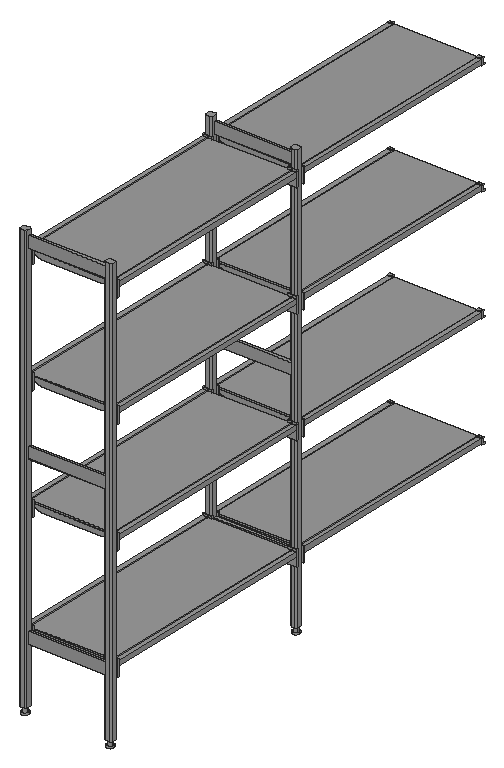
Revit family "QF_ZANUSSI_137062_ACS1840", category Attrezzature speciali, Revit 2020
Family settings
  Quota connettore circolare = Usa diametro
  Tipo di parte = Normale
  Basato su piano di lavoro = No
  Sempre verticale = Sì
  Taglio con vuoti quando caricato = No
  Condiviso = No
  Punto di calcolo locali = No
Parameters (values of type "Standard")
  Weight = 30.00 kg
  Watts = 0 W
  Volts = 0 V
  URL Manufacturer = "http://www.zanussiprofessional.com"
  URL = "http://www.zanussiprofessional.com"
  Steam Supply Size = 0 mm
  Steam Supply Minimum Pressure = 0.0 Pa
  Steam Supply Maximum Pressure = 0.0 Pa
  Steam Consumption per Hour = 0
  Refrigeration Suction Line Size = 0.0 mm
  Refrigeration Liquid Line Size = 0.0 mm
  Refrigerant Compressor Remote = yes
  Prospetto di default = 0.0 mm
  Phase = 0
  Modello = "ACS1840"
  Produttore = "Zanussi"
  Length Actual = 1844.0 mm  # constant formula
  Item Number = "137062"
  Hot Water Size = 0 mm
  Height Actual = 1700.0 mm  # constant formula
  HP = "0 HP"
  Gas Size = 0 mm
  Gas KW = 0
  Gas Input Pressure = 0 W
  Direct Waste Size = 0 mm
  Descrizione = "ALUM.CORNER SHELV.-POLY.TIERS-373X1844MM"
  Depth Actual = 373.0 mm  # constant formula
  Cycle = 0 Hz
  Condensate Return Size = 0 mm
  Compressed Air Volume = 0.0 L/s
  Compressed Air Size = 0 mm
  Compressed Air Pressure = 0.0 Pa
  Cold Water Size = 0 mm
  Accessory = yes
Reference planes
  plane 1: z = 0
  plane 2 "CenterLeft": y = -535.5
  plane 3 "FRONT": y = -921.5
  plane 4 "LEFT": x = 192.5
  plane 5 "RIGHT": x = 565.5
  plane 6 "TOP": z = 1700
  plane 7: y = -889.5
  plane 8: y = -3.5
  plane 9 "Center (Left/Back)": x = 379
  plane 10: x = 205
  plane 11: x = 515
  plane 12 "FEET": z = 25
  plane 13: z = 275
  plane 14: z = 725
  plane 15: z = 1175
  plane 16: z = 1625
  plane 17 "CXLeft": y = -907.5
  plane 18 "Center (Front/Back)": y = 14.5
  plane 19 "CYFront": x = 510
  plane 20: y = 918.5
  plane 21: y = 32.5
  plane 22 "BACK": y = 922.5
  plane 23 "LEFT_ORIGIN": x = 158.5
  plane 24 "BACK_ORIGIN": y = 1295.5
Forms (mm)
  Extrusion 1, solid, material "QF_Aluminum"
    sketch origin (38.022, -921.5, -4.006) x (-1, 0, 0) y (0, 0, 1)
      loop
        line (-189.5, 1637.003) -> (-173.5, 1637.003) -> (-173.5, 1655) -> (-175.493, 1655) -> (-175.493, 1648.501) -> (-506.5, 1648.501) -> (-506.5, 1655) -> (-508.5, 1655) -> (-508.5, 1637.003) -> (-492.5, 1637.003) -> (-458.5, 1625) -> (-223.5, 1625) -> (-189.5, 1637.003)
      loop
        line (-189.5, 1187.003) -> (-173.5, 1187.003) -> (-173.5, 1205) -> (-175.493, 1205) -> (-175.493, 1198.501) -> (-506.5, 1198.501) -> (-506.5, 1205) -> (-508.5, 1205) -> (-508.5, 1187.003) -> (-492.5, 1187.003) -> (-458.5, 1175) -> (-223.5, 1175) -> (-189.5, 1187.003)
      loop
        line (-189.5, 737.003) -> (-173.5, 737.003) -> (-173.5, 755) -> (-175.493, 755) -> (-175.493, 748.501) -> (-506.5, 748.501) -> (-506.5, 755) -> (-508.5, 755) -> (-508.5, 737.003) -> (-492.5, 737.003) -> (-458.5, 725) -> (-223.5, 725) -> (-189.5, 737.003)
      loop
        line (-189.5, 287.003) -> (-173.5, 287.003) -> (-173.5, 305) -> (-175.493, 305) -> (-175.493, 298.501) -> (-506.5, 298.501) -> (-506.5, 305) -> (-508.5, 305) -> (-508.5, 287.003) -> (-492.5, 287.003) -> (-458.5, 275) -> (-223.5, 275) -> (-189.5, 287.003)
    from 37 to 32
  Extrusion 2, solid, material "QF_Aluminum"
    sketch origin (38.022, -921.5, 0) x (-1, 0, 0) y (0, 0, 1)
      loop
        line (-154.478, 246.005) -> (-154.478, 307.993) -> (-190.471, 307.993) -> (-190.471, 246.005) -> (-154.478, 246.005)
      loop
        line (-527.478, 246.005) -> (-491.484, 246.005) -> (-491.484, 307.993) -> (-527.478, 307.993) -> (-527.478, 246.005)
      loop
        line (-154.478, 696.005) -> (-154.478, 757.993) -> (-190.471, 757.993) -> (-190.471, 696.005) -> (-154.478, 696.005)
      loop
        line (-527.478, 696.005) -> (-491.484, 696.005) -> (-491.484, 757.993) -> (-527.478, 757.993) -> (-527.478, 696.005)
      loop
        line (-154.478, 1146.005) -> (-154.478, 1207.993) -> (-190.471, 1207.993) -> (-190.471, 1146.005) -> (-154.478, 1146.005)
      loop
        line (-527.478, 1146.005) -> (-491.484, 1146.005) -> (-491.484, 1207.993) -> (-527.478, 1207.993) -> (-527.478, 1146.005)
      loop
        line (-154.478, 1596.005) -> (-154.478, 1657.993) -> (-190.471, 1657.993) -> (-190.471, 1596.005) -> (-154.478, 1596.005)
      loop
        line (-527.478, 1596.005) -> (-491.484, 1596.005) -> (-491.484, 1657.993) -> (-527.478, 1657.993) -> (-527.478, 1596.005)
    from 28 to 32
  Extrusion 3, solid, material "QF_Aluminum"
    sketch origin (38.022, -921.5, 0) x (-1, 0, 0) y (0, 0, 1)
      loop
        line (-154.5, 1650.994) -> (-173.5, 1650.994) -> (-173.5, 1632.998) -> (-154.5, 1632.998) -> (-154.5, 1650.994)
      loop
        line (-154.5, 1200.994) -> (-173.5, 1200.994) -> (-173.5, 1182.998) -> (-154.5, 1182.998) -> (-154.5, 1200.994)
      loop
        line (-154.5, 750.994) -> (-173.5, 750.994) -> (-173.5, 732.998) -> (-154.5, 732.998) -> (-154.5, 750.994)
      loop
        line (-154.5, 300.994) -> (-173.5, 300.994) -> (-173.5, 282.998) -> (-154.5, 282.998) -> (-154.5, 300.994)
      loop
        line (-527.455, 1650.994) -> (-527.455, 1632.998) -> (-508.455, 1632.998) -> (-508.455, 1650.994) -> (-527.455, 1650.994)
      loop
        line (-527.455, 1200.994) -> (-527.455, 1182.998) -> (-508.455, 1182.998) -> (-508.455, 1200.994) -> (-527.455, 1200.994)
      loop
        line (-527.455, 750.994) -> (-527.455, 732.998) -> (-508.455, 732.998) -> (-508.455, 750.994) -> (-527.455, 750.994)
      loop
        line (-527.455, 300.994) -> (-527.455, 282.998) -> (-508.455, 282.998) -> (-508.455, 300.994) -> (-527.455, 300.994)
    from 32 to 918
  Extrusion 4, solid, material "QF_Polyethylene"
    sketch origin (38.022, -921.5, 0) x (-1, 0, 0) y (0, 0, 1)
      loop
        line (-175.493, 1650.994) -> (-506.5, 1650.994) -> (-506.5, 1644.496) -> (-175.493, 1644.496) -> (-175.493, 1650.994)
      loop
        line (-175.493, 1200.994) -> (-506.5, 1200.994) -> (-506.5, 1194.496) -> (-175.493, 1194.496) -> (-175.493, 1200.994)
      loop
        line (-175.493, 750.994) -> (-506.5, 750.994) -> (-506.5, 744.496) -> (-175.493, 744.496) -> (-175.493, 750.994)
      loop
        line (-175.493, 300.994) -> (-506.5, 300.994) -> (-506.5, 294.496) -> (-175.493, 294.496) -> (-175.493, 300.994)
    from 32 to 918
  Extrusion 5, solid, material "QF_Aluminum"
    sketch origin (38.022, 684.5, 0) x (-1, 0, 0) y (0, 0, 1)
      loop
        line (-154.5, 1650.994) -> (-173.5, 1650.994) -> (-173.5, 1632.998) -> (-154.5, 1632.998) -> (-154.5, 1650.994)
      loop
        line (-508.5, 1650.994) -> (-527.455, 1650.994) -> (-527.455, 1632.998) -> (-508.5, 1632.998) -> (-508.5, 1650.994)
      loop
        line (-154.5, 1200.994) -> (-173.5, 1200.994) -> (-173.5, 1182.998) -> (-154.5, 1182.998) -> (-154.5, 1200.994)
      loop
        line (-508.5, 1200.994) -> (-527.455, 1200.994) -> (-527.455, 1182.998) -> (-508.5, 1182.998) -> (-508.5, 1200.994)
      loop
        line (-154.5, 750.994) -> (-173.5, 750.994) -> (-173.5, 732.998) -> (-154.5, 732.998) -> (-154.5, 750.994)
      loop
        line (-508.5, 750.994) -> (-527.455, 750.994) -> (-527.455, 732.998) -> (-508.5, 732.998) -> (-508.5, 750.994)
      loop
        line (-154.5, 300.994) -> (-173.5, 300.994) -> (-173.5, 282.998) -> (-154.5, 282.998) -> (-154.5, 300.994)
      loop
        line (-508.5, 300.994) -> (-527.455, 300.994) -> (-527.455, 282.998) -> (-508.5, 282.998) -> (-508.5, 300.994)
    from 234 to -652
  Extrusion 6, solid, material "QF_Polyethylene"
    sketch origin (38.022, 684.5, 0) x (-1, 0, 0) y (0, 0, 1)
      loop
        line (-175.493, 1650.994) -> (-506.5, 1650.994) -> (-506.5, 1644.496) -> (-175.493, 1644.496) -> (-175.493, 1650.994)
      loop
        line (-175.493, 1200.994) -> (-506.5, 1200.994) -> (-506.5, 1194.496) -> (-175.493, 1194.496) -> (-175.493, 1200.994)
      loop
        line (-175.493, 750.994) -> (-506.5, 750.994) -> (-506.5, 744.496) -> (-175.493, 744.496) -> (-175.493, 750.994)
      loop
        line (-175.493, 300.994) -> (-506.5, 300.994) -> (-506.5, 294.496) -> (-175.493, 294.496) -> (-175.493, 300.994)
    from 234 to -652
Lines and regions (mm)
  symbolic lines
    curve 1: line (205, -912.5, 1700) -> (515, -912.5, 1700)
    curve 2: line (515, -902.5, 1700) -> (205, -902.5, 1700)
    curve 3: line (192.5, -893.5, 1700) -> (192.5, 0.5, 1700)
    curve 4: line (565.5, -889.5, 1700) -> (565.5, -3.5, 1700)
    curve 5: line (192.5, 28.5, 1700) -> (192.5, 922.5, 1700)
    curve 6: line (565.5, 28.5, 1700) -> (565.5, 922.5, 1700)
    curve 7: line (211.522, 918.5, 1700) -> (510.507, 918.5, 1700)
    curve 8: line (211.522, -3.5, 1700) -> (510.507, -3.5, 1700)
    curve 9: line (510.507, 32.5, 1700) -> (211.522, 32.5, 1700)
    curve 10: line (211.522, -889.5, 1700) -> (510.507, -889.5, 1700)
    curve 11: line (211.522, -889.5, 1700) -> (211.522, -3.5, 1700)
    curve 12: line (546.478, -3.5, 1700) -> (546.478, -889.5, 1700)
    curve 13: line (211.522, 32.5, 1700) -> (211.522, 918.5, 1700)
    curve 14: line (546.522, 652.5, 1700) -> (546.522, -145.5, 1700)
Dimensions and locks
  plane 3 "FRONT" to plane 2 "CenterLeft" = 386.0 mm
  locked: plane 6 "TOP" to level at 1700
  locked: plane 7 to plane 8 at 886
  locked: plane 10 to plane 11 at 310
  plane 10 to plane 9 "Center (Left/Back)" to plane 11 = 174.0 mm, 136.0 mm
  equal spacing: plane 4 "LEFT", plane 9 "Center (Left/Back)", plane 5 "RIGHT"
  plane 12 "FEET" to level = 25.0 mm
  plane 6 "TOP" to plane 12 "FEET" = 1675.0 mm
  plane 13 to plane 12 "FEET" = 250.0 mm
  plane 14 to plane 13 = 450.0 mm
  plane 15 to plane 14 = 450.0 mm
  plane 16 to plane 15 = 450.0 mm
  plane 19 "CYFront" to Extrusion 1 sketch curve = 34.522 mm
  locked: plane 21 to plane 20 at 886
  locked: plane 8 to plane 18 "Center (Front/Back)" at 18
  locked: plane 18 "Center (Front/Back)" to plane 21 at 18
  locked: plane 3 "FRONT" to plane 7 at 32
  locked: plane 4 "LEFT" to plane 5 "RIGHT" at 373
  locked: plane 23 "LEFT_ORIGIN" to plane 5 "RIGHT" at 407
  locked: plane 22 "BACK" to plane 24 "BACK_ORIGIN" at 373
  locked: plane 22 "BACK" to plane 3 "FRONT" at 1844
  aligned and locked: level to plane 1
  aligned and locked: Extrusion 1 to plane 7
  aligned and locked: plane 7 to Extrusion 2
  aligned and locked: Extrusion 4 to plane 7
  aligned and locked: plane 8 to Extrusion 4
  aligned and locked: Extrusion 3 to plane 7
  aligned and locked: plane 8 to Extrusion 3
  aligned and locked: Extrusion 1 sketch curve to Extrusion 1 sketch curve  (x3)
  aligned and locked: Extrusion 4 sketch curve to Extrusion 1  (x4)
  aligned and locked: Extrusion 5 sketch curve to Extrusion 5 sketch curve  (x2)
  aligned and locked: Extrusion 5 to plane 21  (x5)
  aligned and locked: Extrusion 6 to plane 21  (x5)
  aligned and locked: nested 2 to plane 18 "Center (Front/Back)"
  aligned and locked: nested 1 to plane 17 "CXLeft"
  aligned and locked: plane 7 to Extrusion 3  (x3)
  aligned and locked: Extrusion 3 to plane 8  (x4)
  aligned and locked: Extrusion 4 to plane 8  (x4)
  aligned and locked: plane 20 to Extrusion 5
  aligned and locked: plane 20 to Extrusion 6
  aligned and locked: Extrusion 5 to plane 20  (x3)
  aligned and locked: Extrusion 6 to plane 20  (x3)
  aligned and locked: plane 9 "Center (Left/Back)" to nested 2
  aligned and locked: nested 3 to plane 22 "BACK"
Automatic sketch dimensions
  curve 1 to plane 10 = 0.0 mm
  curve 1 to plane 11 = 0.0 mm
  curve 2 to plane 10 = 0.0 mm
  curve 2 to plane 11 = 0.0 mm
  curve 3 to plane 4 "LEFT" = 0.0 mm
  plane 7 to curve 10 = 0.0 mm
  curve 4 to plane 5 "RIGHT" = 0.0 mm
  plane 7 to curve 4 = 0.0 mm
  plane 8 to curve 8 = 0.0 mm
  plane 8 to curve 4 = 0.0 mm
  curve 6 to plane 5 "RIGHT" = 0.0 mm
  curve 5 to plane 4 "LEFT" = 0.0 mm
  curve 9 to plane 21 = 0.0 mm
  plane 20 to curve 7 = 0.0 mm
  plane 7 to curve 3 = 4.0 mm
  plane 17 "CXLeft" to curve 2 = 5.0 mm
  curve 1 to plane 17 "CXLeft" = 5.0 mm
  curve 3 to plane 8 = 4.0 mm
  curve 6 to plane 21 = 4.0 mm
  curve 5 to plane 21 = 4.0 mm
  curve 6 to plane 20 = 4.0 mm
  curve 5 to plane 20 = 4.0 mm
  plane 11 to curve 10 = 4.493 mm
  plane 11 to curve 9 = 4.493 mm
  plane 11 to curve 8 = 4.493 mm
  plane 11 to curve 7 = 4.493 mm
  curve 8 to plane 10 = 6.522 mm
  curve 7 to plane 10 = 6.522 mm
  Extrusion 1 sketch curve to plane 19 "CYFront" = 36.522 mm  (x4)
  Extrusion 1 sketch curve to plane 11 = 15.522 mm  (x4)
  Extrusion 1 sketch curve to plane 13 = 4.006 mm
  Extrusion 1 sketch curve to Extrusion 1 sketch curve = 34.0 mm  (x4)
  Extrusion 1 sketch curve to plane 14 = 4.006 mm
  Extrusion 1 sketch curve to plane 15 = 4.006 mm
  Extrusion 1 sketch curve to plane 16 = 4.006 mm
  Extrusion 1 sketch curve to plane 10 = 56.522 mm  (x4)
  Extrusion 1 sketch curve to plane 10 = 22.522 mm  (x4)
  plane 13 to Extrusion 1 sketch curve = 7.998 mm  (x2)
  Extrusion 1 sketch curve to Extrusion 1 sketch curve = 11.498 mm  (x4)
  Extrusion 1 sketch curve to Extrusion 1 sketch curve = 6.499 mm  (x8)
  plane 14 to Extrusion 1 sketch curve = 7.998 mm  (x2)
  plane 15 to Extrusion 1 sketch curve = 7.998 mm  (x2)
  plane 16 to Extrusion 1 sketch curve = 7.998 mm  (x2)
  Extrusion 2 sketch curve to plane 5 "RIGHT" = 0.0 mm  (x4)
  Extrusion 2 sketch curve to plane 4 "LEFT" = 0.0 mm  (x4)
  Extrusion 2 sketch curve to plane 11 = 14.507 mm  (x4)
  Extrusion 2 sketch curve to plane 10 = 23.493 mm  (x4)
  Extrusion 2 sketch curve to plane 13 = 28.995 mm  (x2)
  plane 13 to Extrusion 2 sketch curve = 32.993 mm  (x2)
  Extrusion 2 sketch curve to plane 14 = 28.995 mm  (x2)
  plane 14 to Extrusion 2 sketch curve = 32.993 mm  (x2)
  Extrusion 2 sketch curve to plane 15 = 28.995 mm  (x2)
  plane 15 to Extrusion 2 sketch curve = 32.993 mm  (x2)
  Extrusion 2 sketch curve to plane 16 = 28.995 mm  (x2)
  plane 16 to Extrusion 2 sketch curve = 32.993 mm  (x2)
  plane 13 to Extrusion 4 sketch curve = 19.496 mm
  Extrusion 4 sketch curve to Extrusion 4 sketch curve = 6.499 mm  (x4)
  plane 14 to Extrusion 4 sketch curve = 19.496 mm
  plane 15 to Extrusion 4 sketch curve = 19.496 mm
  plane 16 to Extrusion 4 sketch curve = 19.496 mm
  plane 5 "RIGHT" to Extrusion 5 sketch curve = 0.022 mm  (x4)
  Extrusion 5 sketch curve to plane 4 "LEFT" = 19.022 mm  (x4)
  Extrusion 5 sketch curve to plane 19 "CYFront" = 36.522 mm  (x2)
  plane 13 to Extrusion 5 sketch curve = 7.998 mm  (x2)
  Extrusion 5 sketch curve to Extrusion 5 sketch curve = 17.997 mm  (x8)
  plane 14 to Extrusion 5 sketch curve = 7.998 mm  (x2)
  plane 15 to Extrusion 5 sketch curve = 7.998 mm  (x2)
  plane 16 to Extrusion 5 sketch curve = 7.998 mm  (x2)
  Extrusion 6 sketch curve to plane 19 "CYFront" = 34.522 mm  (x4)
  plane 13 to Extrusion 6 sketch curve = 19.496 mm
  Extrusion 6 sketch curve to Extrusion 6 sketch curve = 6.499 mm  (x4)
  plane 14 to Extrusion 6 sketch curve = 19.496 mm
  plane 15 to Extrusion 6 sketch curve = 19.496 mm
  plane 16 to Extrusion 6 sketch curve = 19.496 mm
  plane 5 "RIGHT" to Extrusion 3 sketch curve = 0.022 mm  (x4)
  Extrusion 3 sketch curve to Extrusion 3 sketch curve = 19.0 mm  (x4)
  plane 14 to Extrusion 3 sketch curve = 7.998 mm  (x2)
  Extrusion 3 sketch curve to plane 10 = 6.522 mm  (x4)
  Extrusion 3 sketch curve to plane 4 "LEFT" = 0.022 mm  (x4)
  plane 13 to Extrusion 3 sketch curve = 25.994 mm  (x2)
  plane 13 to Extrusion 3 sketch curve = 7.998 mm  (x2)
  Extrusion 3 sketch curve to Extrusion 3 sketch curve = 17.997 mm  (x6)
  plane 15 to Extrusion 3 sketch curve = 7.998 mm  (x2)
  plane 16 to Extrusion 3 sketch curve = 7.998 mm  (x2)
  plane 7 to curve 12 = 0.0 mm
  plane 8 to curve 12 = 0.0 mm
  curve 4 to curve 12 = 19.022 mm
  Extrusion 1 sketch curve to plane 10 = 8.516 mm  (x4)
  Extrusion 1 sketch curve to plane 10 = 6.522 mm  (x2)
  Extrusion 1 sketch curve to Extrusion 1 sketch curve = 1.993 mm  (x2)
  Extrusion 4 sketch curve to plane 10 = 8.516 mm  (x4)
  Extrusion 5 sketch curve to plane 4 "LEFT" = 0.022 mm  (x4)
  Extrusion 6 sketch curve to plane 10 = 8.516 mm  (x4)
Nested families
  nested 1: "WT_Anta373" at (215.5, -504.5, 0) x (0, 1, 0) z (0, 0, 1), type "WT_Anta373"
  nested 2: "WT_Anta373Center" at (215.5, 417.5, 0) x (0, 1, 0) z (0, 0, 1), type "WT_Anta373Center"
  nested 3: "WT_Aggancio373" at (215.5, 1330.5, 0) x (0, 1, 0) z (0, 0, 1), type "WT_Aggancio373"
Definition of nested family "WT_Anta373"
  Parameters
    WidthLeft = A + 64.0 mm  # 772.0 mm
    Width = 1606.0 mm
    Right = WidthLeft / 2  # 386.0 mm
    Default Elevation = 0.0 mm
    Left = -WidthLeft / 2  # -386.0 mm
    Height = 1725.0 mm
    FEET = 25.0 mm
    E = 0.0 mm
    Dint = Depth - 63.0 mm  # 310.0 mm
    Dext = Depth - 8.0 mm  # 365.0 mm
    Depth = 373.0 mm
    DX = (WidthLeft - A) / 2  # 32.0 mm
    B = 798.0 mm
    A = 708.0 mm
  Reference planes
    plane 1: z = 0
    plane 2 "LEFT": x = -417
    plane 3 "BACK": y = 23
    plane 4 "FRONT": y = -350
    plane 5 "TOP": z = 1725
    plane 6 "Center (Front/Back)": y = -163.5
    plane 7: y = -8.5
    plane 8: y = -318.5
    plane 9 "FEET": z = 25
    plane 10: z = 275
    plane 11: z = 725
    plane 12: z = 1175
    plane 13: z = 1625
    plane 14 "CXLeft": x = -403
    plane 15: y = 5.5
    plane 16 "CYBack": y = 5.5
    plane 17 "CYFront": y = -332.5
    plane 18: x = -385.031
    plane 19: x = -380.031
  Forms (mm)
    Extrusion 1, solid
      sketch origin (0, 0, 0) x (1, 0, 0) y (0, 1, 0)
        loop
          line (-417, 13.246) -> (-417, -2.246) -> (-410.746, -8.5) -> (-395.254, -8.5) -> (-389, -2.246) -> (-389, 13.246) -> (-395.254, 19.5) -> (-410.746, 19.5) -> (-417, 13.246)
      from 1725 to 25
    Extrusion 2, solid
      sketch origin (-417, 0, 0) x (0, 1, 0) y (0, 0, 1)
        loop
          line (23, 246.005) -> (23, 307.993) -> (-12.993, 307.993) -> (-12.993, 246.005) -> (23, 246.005)
        loop
          line (-350, 246.005) -> (-314.007, 246.005) -> (-314.007, 307.993) -> (-350, 307.993) -> (-350, 246.005)
        loop
          line (23, 696.005) -> (23, 757.993) -> (-12.993, 757.993) -> (-12.993, 696.005) -> (23, 696.005)
        loop
          line (-350, 696.005) -> (-314.007, 696.005) -> (-314.007, 757.993) -> (-350, 757.993) -> (-350, 696.005)
        loop
          line (23, 1146.005) -> (23, 1207.993) -> (-12.993, 1207.993) -> (-12.993, 1146.005) -> (23, 1146.005)
        loop
          line (-350, 1146.005) -> (-314.007, 1146.005) -> (-314.007, 1207.993) -> (-350, 1207.993) -> (-350, 1146.005)
        loop
          line (23, 1596.005) -> (23, 1657.993) -> (-12.993, 1657.993) -> (-12.993, 1596.005) -> (23, 1596.005)
        loop
          line (-350, 1596.005) -> (-314.007, 1596.005) -> (-314.007, 1657.993) -> (-350, 1657.993) -> (-350, 1596.005)
      from 28 to 32
    Revolve 3, solid
      sketch origin (-403, 0, 0) x (0, 1, 0) y (0, 0, 1)
        loop
          line (5.5, 25) -> (5.5, 0) -> (19, 0) -> (19, 5) -> (14, 5) -> (14, 25) -> (5.5, 25)
        axis (5.5, 25) -> (5.5, 0)
      angle from 0 to 360
    Extrusion 4, solid
      sketch origin (-403, 0, 0) x (0, 1, 0) y (0, 0, 1)
        loop
          line (-8.5, 912.382) -> (-8.5, 957.374) -> (-318.5, 957.374) -> (-318.5, 912.382) -> (-8.5, 912.382)
        loop
          line (-8.5, 1662.244) -> (-8.5, 1707.236) -> (-318.5, 1707.236) -> (-318.5, 1662.244) -> (-8.5, 1662.244)
      from -5 to 5
    Revolve 5, solid
      sketch origin (-403, -627, 0) x (0, -1, 0) y (0, 0, 1)
        loop
          line (-294.5, 25) -> (-294.5, 0) -> (-281, 0) -> (-281, 5) -> (-286, 5) -> (-286, 25) -> (-294.5, 25)
        axis (-294.5, 25) -> (-294.5, 0)
      angle from 0 to 360
    Extrusion 6, solid
      sketch origin (0, -627, 0) x (1, 0, 0) y (0, 1, 0)
        loop
          line (-417, 286.754) -> (-410.746, 280.5) -> (-395.254, 280.5) -> (-389, 286.754) -> (-389, 302.246) -> (-395.254, 308.5) -> (-410.746, 308.5) -> (-417, 302.246) -> (-417, 286.754)
      from 1725 to 25
    Extrusion 7, solid
      sketch origin (-417.031, -0.022, 0) x (0, 1, 0) y (0, 0, -1)
        loop
          line (-12, -1632.998) -> (-46, -1620.994) -> (-281, -1620.994) -> (-315, -1632.998) -> (-331, -1632.998) -> (-331, -1650.994) -> (-329, -1650.994) -> (-329, -1644.496) -> (2.007, -1644.496) -> (2.007, -1650.994) -> (4, -1650.994) -> (4, -1632.998) -> (-12, -1632.998)
        loop
          line (-12, -1182.998) -> (-46, -1170.994) -> (-281, -1170.994) -> (-315, -1182.998) -> (-331, -1182.998) -> (-331, -1200.994) -> (-329, -1200.994) -> (-329, -1194.496) -> (2.007, -1194.496) -> (2.007, -1200.994) -> (4, -1200.994) -> (4, -1182.998) -> (-12, -1182.998)
        loop
          line (-12, -732.998) -> (-46, -720.994) -> (-281, -720.994) -> (-315, -732.998) -> (-331, -732.998) -> (-331, -750.994) -> (-329, -750.994) -> (-329, -744.496) -> (2.007, -744.496) -> (2.007, -750.994) -> (4, -750.994) -> (4, -732.998) -> (-12, -732.998)
        loop
          line (-12, -282.998) -> (-46, -270.994) -> (-281, -270.994) -> (-315, -282.998) -> (-331, -282.998) -> (-331, -300.994) -> (-329, -300.994) -> (-329, -294.496) -> (2.007, -294.496) -> (2.007, -300.994) -> (4, -300.994) -> (4, -282.998) -> (-12, -282.998)
      from -32 to -37
    Extrusion 8, solid
      sketch origin (-403, 0, -659.878) x (0, 1, 0) y (0, 0, 1)
        loop
          line (-8.5, 912.382) -> (-8.5, 957.374) -> (-318.5, 957.374) -> (-318.5, 912.382) -> (-8.5, 912.382)
        loop
          line (-8.5, 1572.382) -> (-8.5, 1617.374) -> (-318.5, 1617.374) -> (-318.5, 1572.382) -> (-8.5, 1572.382)
        loop
          line (-8.5, 2322.382) -> (-8.5, 2367.374) -> (-318.5, 2367.374) -> (-318.5, 2322.382) -> (-8.5, 2322.382)
      from -5 to 5
  Lines and regions (mm)
    symbolic lines
      curve 1: line (-408, -8.5, 1725) -> (-408, -318.5, 1725)
      curve 2: line (-398, -318.5, 1725) -> (-398, -8.5, 1725)
      curve 3: line (-395.254, -8.5, 1725) -> (-410.746, -8.5, 1725)
      curve 4: line (-417, -2.246, 1725) -> (-410.746, -8.5, 1725)
      curve 5: line (-417, 13.246, 1725) -> (-417, -2.246, 1725)
      curve 6: line (-410.746, 19.5, 1725) -> (-417, 13.246, 1725)
      curve 7: line (-395.254, 19.5, 1725) -> (-410.746, 19.5, 1725)
      curve 8: line (-389, 13.246, 1725) -> (-395.254, 19.5, 1725)
      curve 9: line (-395.254, -8.5, 1725) -> (-389, -2.246, 1725)
      curve 10: line (-395.254, -318.5, 1725) -> (-410.746, -318.5, 1725)
      curve 11: line (-417, -324.754, 1725) -> (-410.746, -318.5, 1725)
      curve 12: line (-410.746, -346.5, 1725) -> (-417, -340.246, 1725)
      curve 13: line (-395.254, -346.5, 1725) -> (-410.746, -346.5, 1725)
      curve 14: line (-389, -340.246, 1725) -> (-395.254, -346.5, 1725)
      curve 15: line (-395.254, -318.5, 1725) -> (-389, -324.754, 1725)
      curve 16: line (-389, -350, 1725) -> (-389, -314.007, 1725)
      curve 17: line (-389, -314.007, 1725) -> (-385, -314.007, 1725)
      curve 18: line (-389, 23, 1725) -> (-389, -12.993, 1725)
      curve 19: line (-389, -12.993, 1725) -> (-385, -12.993, 1725)
      curve 20: line (-417, -324.754, 1725) -> (-417, -340.246, 1725)
      curve 21: line (-385, -350, 1725) -> (-385, -314.007, 1725)
      curve 22: line (-385, -350, 1725) -> (-389, -350, 1725)
      curve 23: line (-385, 23, 1725) -> (-389, 23, 1725)
      curve 24: line (-385, -12.993, 1725) -> (-385, 23, 1725)
      curve 25: line (-385.031, -13.016, 1725) -> (-385.031, -314.029, 1725)
  Dimensions and locks
    "Height": plane 5 "TOP" to level
    "Depth": plane 3 "BACK" to plane 4 "FRONT"
    "Dint": plane 7 to plane 8
    equal spacing: plane 7, plane 6 "Center (Front/Back)", plane 8
    equal spacing: plane 3 "BACK", plane 6 "Center (Front/Back)", plane 4 "FRONT"
    plane 9 "FEET" to level = 25.0 mm
    plane 5 "TOP" to plane 9 "FEET" = 1700.0 mm
    plane 10 to plane 9 "FEET" = 250.0 mm
    plane 11 to plane 10 = 450.0 mm
    plane 12 to plane 11 = 450.0 mm
    plane 13 to plane 12 = 450.0 mm
    locked: plane 2 "LEFT" to plane 14 "CXLeft" at 14
    locked: plane 3 "BACK" to plane 16 "CYBack" at 17.5
    locked: plane 17 "CYFront" to plane 4 "FRONT" at 17.5
    locked: Revolve 3 sketch curve to Revolve 3 sketch curve at 8.5
    locked: Revolve 3 sketch curve to plane 16 "CYBack" at 13.5
    locked: Revolve 5 sketch curve to Revolve 5 sketch curve at 8.5
    aligned and locked: level to plane 1
    aligned and locked: curve 20 to Extrusion 6
    aligned and locked: plane 5 "TOP" to Extrusion 1
    aligned and locked: plane 5 "TOP" to Extrusion 6
    aligned and locked: Extrusion 7 sketch curve to Extrusion 7 sketch curve  (x3)
  Automatic sketch dimensions
    curve 16 to plane 4 "FRONT" = 0.0 mm
    curve 11 to plane 8 = 0.0 mm
    curve 9 to plane 7 = 0.0 mm
    curve 5 to plane 2 "LEFT" = 0.0 mm
    curve 23 to plane 3 "BACK" = 0.0 mm
    plane 4 "FRONT" to curve 13 = 3.5 mm
    curve 20 to plane 17 "CYFront" = 7.746 mm
    curve 20 to plane 8 = 6.254 mm
    plane 8 to curve 16 = 4.493 mm
    curve 24 to plane 18 = 0.031 mm
    curve 24 to plane 7 = 4.493 mm
    plane 7 to curve 5 = 6.254 mm
    curve 5 to plane 15 = 7.746 mm
    curve 6 to plane 3 "BACK" = 3.5 mm
    curve 21 to plane 18 = 0.031 mm
    plane 18 to curve 23 = 3.969 mm
    plane 18 to curve 16 = 3.969 mm
    curve 18 to curve 8 = 6.254 mm
    curve 18 to curve 3 = 6.254 mm
    curve 16 to curve 13 = 6.254 mm
    curve 16 to curve 15 = 6.254 mm
    plane 2 "LEFT" to curve 10 = 6.254 mm
    plane 2 "LEFT" to curve 7 = 6.254 mm
    plane 2 "LEFT" to curve 12 = 6.254 mm
    plane 2 "LEFT" to curve 3 = 6.254 mm
    curve 14 to plane 17 "CYFront" = 7.746 mm
    curve 15 to plane 8 = 6.254 mm
    plane 7 to curve 9 = 6.254 mm
    curve 8 to plane 15 = 7.746 mm
    curve 3 to curve 2 = 2.746 mm
    curve 1 to curve 10 = 2.746 mm
    Extrusion 1 sketch curve to plane 2 "LEFT" = 0.0 mm
    Extrusion 1 sketch curve to plane 7 = 0.0 mm
    plane 2 "LEFT" to Extrusion 1 sketch curve = 6.254 mm  (x2)
    plane 14 "CXLeft" to Extrusion 1 sketch curve = 7.746 mm  (x2)
    Extrusion 1 sketch curve to plane 3 "BACK" = 3.5 mm
    plane 18 to Extrusion 1 sketch curve = 3.969 mm
    plane 7 to Extrusion 1 sketch curve = 6.254 mm  (x2)
    Extrusion 1 sketch curve to plane 15 = 7.746 mm  (x2)
    Extrusion 2 sketch curve to plane 4 "FRONT" = 0.0 mm  (x4)
    Extrusion 2 sketch curve to plane 3 "BACK" = 0.0 mm  (x4)
    plane 8 to Extrusion 2 sketch curve = 4.493 mm  (x4)
    Extrusion 2 sketch curve to plane 7 = 4.493 mm  (x4)
    Extrusion 2 sketch curve to plane 10 = 28.995 mm  (x2)
    plane 10 to Extrusion 2 sketch curve = 32.993 mm  (x2)
    Extrusion 2 sketch curve to plane 11 = 28.995 mm  (x2)
    plane 11 to Extrusion 2 sketch curve = 32.993 mm  (x2)
    Extrusion 2 sketch curve to plane 12 = 28.995 mm  (x2)
    plane 12 to Extrusion 2 sketch curve = 32.993 mm  (x2)
    Extrusion 2 sketch curve to plane 13 = 28.995 mm  (x2)
    plane 13 to Extrusion 2 sketch curve = 32.993 mm  (x2)
    Revolve 3 sketch curve to plane 9 "FEET" = 0.0 mm  (x2)
    Revolve 3 sketch curve to plane 15 = 0.0 mm  (x2)
    Revolve 3 sketch curve to level = 0.0 mm
    level to Revolve 3 sketch curve = 5.0 mm
    Revolve 3 sketch curve to Revolve 3 sketch curve = 11.655 mm
    Extrusion 4 sketch curve to plane 8 = 0.0 mm  (x2)
    Extrusion 4 sketch curve to plane 7 = 0.0 mm  (x2)
    plane 11 to Extrusion 4 sketch curve = 187.382 mm
    Extrusion 4 sketch curve to Extrusion 4 sketch curve = 44.992 mm
    plane 13 to Extrusion 4 sketch curve = 37.244 mm
    Extrusion 4 sketch curve to plane 5 "TOP" = 17.764 mm
    Revolve 5 sketch curve to plane 9 "FEET" = 0.0 mm  (x2)
    Revolve 5 sketch curve to plane 17 "CYFront" = 0.0 mm  (x2)
    Revolve 5 sketch curve to level = 0.0 mm
    Revolve 5 sketch curve to plane 4 "FRONT" = 4.0 mm
    Revolve 5 sketch curve to Revolve 5 sketch curve = 5.0 mm
    level to Revolve 5 sketch curve = 11.655 mm
    Extrusion 6 sketch curve to plane 2 "LEFT" = 0.0 mm
    Extrusion 6 sketch curve to plane 8 = 0.0 mm
    Extrusion 6 sketch curve to plane 2 "LEFT" = 6.254 mm  (x2)
    Extrusion 6 sketch curve to plane 14 "CXLeft" = 7.746 mm  (x2)
    Extrusion 6 sketch curve to plane 4 "FRONT" = 3.5 mm
    Extrusion 6 sketch curve to plane 18 = 3.969 mm
    plane 8 to Extrusion 6 sketch curve = 6.254 mm  (x2)
    plane 17 "CYFront" to Extrusion 6 sketch curve = 7.746 mm  (x2)
    plane 17 "CYFront" to Extrusion 7 sketch curve = 1.478 mm  (x4)
    Extrusion 7 sketch curve to Extrusion 7 sketch curve = 2.0 mm
    plane 8 to Extrusion 7 sketch curve = 3.478 mm  (x4)
    Extrusion 7 sketch curve to plane 10 = 4.006 mm
    Extrusion 7 sketch curve to Extrusion 7 sketch curve = 34.0 mm  (x4)
    Extrusion 7 sketch curve to plane 11 = 4.006 mm
    Extrusion 7 sketch curve to plane 12 = 4.006 mm
    Extrusion 7 sketch curve to plane 13 = 4.006 mm
    Extrusion 7 sketch curve to plane 7 = 37.522 mm  (x4)
    Extrusion 7 sketch curve to plane 7 = 3.522 mm  (x4)
    plane 15 to Extrusion 7 sketch curve = 3.516 mm  (x4)
    plane 15 to Extrusion 7 sketch curve = 1.522 mm  (x4)
    plane 13 to Extrusion 7 sketch curve = 7.998 mm  (x2)
    Extrusion 7 sketch curve to Extrusion 7 sketch curve = 11.498 mm
    Extrusion 7 sketch curve to Extrusion 7 sketch curve = 6.499 mm  (x5)
    plane 12 to Extrusion 7 sketch curve = 25.994 mm  (x2)
    plane 12 to Extrusion 7 sketch curve = 7.998 mm  (x2)
    plane 11 to Extrusion 7 sketch curve = 25.994 mm  (x2)
    plane 11 to Extrusion 7 sketch curve = 7.998 mm  (x2)
    plane 10 to Extrusion 7 sketch curve = 25.994 mm  (x2)
    plane 10 to Extrusion 7 sketch curve = 7.998 mm  (x2)
    curve 25 to plane 18 = 0.0 mm
    plane 8 to curve 25 = 4.471 mm
    curve 25 to plane 7 = 4.516 mm
    Extrusion 8 sketch curve to plane 8 = 0.0 mm  (x3)
    Extrusion 8 sketch curve to plane 7 = 0.0 mm  (x3)
    Extrusion 8 sketch curve to plane 10 = 22.496 mm
    plane 10 to Extrusion 8 sketch curve = 22.496 mm
    plane 11 to Extrusion 8 sketch curve = 187.504 mm
    Extrusion 8 sketch curve to Extrusion 8 sketch curve = 44.992 mm
    plane 13 to Extrusion 8 sketch curve = 37.504 mm
    Extrusion 8 sketch curve to plane 5 "TOP" = 17.504 mm
Definition of nested family "WT_Anta373Center"
  Parameters
    WidthLeft = A + 64.0 mm  # 772.0 mm
    Width = 1606.0 mm
    Right = WidthLeft / 2  # 386.0 mm
    Default Elevation = 0.0 mm
    Left = -WidthLeft / 2  # -386.0 mm
    Height = 1725.0 mm
    FEET = 25.0 mm
    E = 0.0 mm
    Dint = Depth - 63.0 mm  # 310.0 mm
    Dext = Depth - 8.0 mm  # 365.0 mm
    Depth = 373.0 mm
    DX = (WidthLeft - A) / 2  # 32.0 mm
    B = 798.0 mm
    A = 708.0 mm
  Reference planes
    plane 1: z = 0
    plane 2 "L": x = -417
    plane 3 "BACK": y = 23
    plane 4 "FRONT": y = -350
    plane 5 "TOP": z = 1725
    plane 6 "Center (Front/Back)": y = -163.5
    plane 7: y = -8.5
    plane 8: y = -318.5
    plane 9 "FEET": z = 25
    plane 10: z = 275
    plane 11: z = 725
    plane 12: z = 1175
    plane 13: z = 1625
    plane 14 "CXLeft": x = -403
    plane 15: y = 5.5
    plane 16 "CYBack": y = 5.5
    plane 17 "CYFront": y = -332.5
    plane 18: x = -385.031
    plane 19 "RIGHT": x = -380.031
    plane 20: x = -420.969
    plane 21 "LEFT": x = -425.969
  Forms (mm)
    Extrusion 1, solid
      sketch origin (0, 0, 0) x (1, 0, 0) y (0, 1, 0)
        loop
          line (-417, 13.246) -> (-417, -2.246) -> (-410.746, -8.5) -> (-395.254, -8.5) -> (-389, -2.246) -> (-389, 13.246) -> (-395.254, 19.5) -> (-410.746, 19.5) -> (-417, 13.246)
      from 1725 to 25
    Extrusion 2, solid
      sketch origin (-417, 0, 0) x (0, 1, 0) y (0, 0, 1)
        loop
          line (23, 246.005) -> (23, 307.993) -> (-12.993, 307.993) -> (-12.993, 246.005) -> (23, 246.005)
        loop
          line (-350, 246.005) -> (-314.007, 246.005) -> (-314.007, 307.993) -> (-350, 307.993) -> (-350, 246.005)
        loop
          line (23, 696.005) -> (23, 757.993) -> (-12.993, 757.993) -> (-12.993, 696.005) -> (23, 696.005)
        loop
          line (-350, 696.005) -> (-314.007, 696.005) -> (-314.007, 757.993) -> (-350, 757.993) -> (-350, 696.005)
        loop
          line (23, 1146.005) -> (23, 1207.993) -> (-12.993, 1207.993) -> (-12.993, 1146.005) -> (23, 1146.005)
        loop
          line (-350, 1146.005) -> (-314.007, 1146.005) -> (-314.007, 1207.993) -> (-350, 1207.993) -> (-350, 1146.005)
        loop
          line (23, 1596.005) -> (23, 1657.993) -> (-12.993, 1657.993) -> (-12.993, 1596.005) -> (23, 1596.005)
        loop
          line (-350, 1596.005) -> (-314.007, 1596.005) -> (-314.007, 1657.993) -> (-350, 1657.993) -> (-350, 1596.005)
      from 28 to 32
    Revolve 3, solid
      sketch origin (-403, 0, 0) x (0, 1, 0) y (0, 0, 1)
        loop
          line (5.5, 25) -> (5.5, 0) -> (19, 0) -> (19, 5) -> (14, 5) -> (14, 25) -> (5.5, 25)
        axis (5.5, 25) -> (5.5, 0)
      angle from 0 to 360
    Extrusion 4, solid
      sketch origin (-403, 0, 0) x (0, 1, 0) y (0, 0, 1)
        loop
          line (-8.5, 912.382) -> (-8.5, 957.374) -> (-318.5, 957.374) -> (-318.5, 912.382) -> (-8.5, 912.382)
        loop
          line (-8.5, 1662.244) -> (-8.5, 1707.236) -> (-318.5, 1707.236) -> (-318.5, 1662.244) -> (-8.5, 1662.244)
      from -5 to 5
    Revolve 5, solid
      sketch origin (-403, -627, 0) x (0, -1, 0) y (0, 0, 1)
        loop
          line (-294.5, 25) -> (-294.5, 0) -> (-281, 0) -> (-281, 5) -> (-286, 5) -> (-286, 25) -> (-294.5, 25)
        axis (-294.5, 25) -> (-294.5, 0)
      angle from 0 to 360
    Extrusion 6, solid
      sketch origin (0, -627, 0) x (1, 0, 0) y (0, 1, 0)
        loop
          line (-417, 286.754) -> (-410.746, 280.5) -> (-395.254, 280.5) -> (-389, 286.754) -> (-389, 302.246) -> (-395.254, 308.5) -> (-410.746, 308.5) -> (-417, 302.246) -> (-417, 286.754)
      from 1725 to 25
    Extrusion 7, solid
      sketch origin (-417.031, -0.022, 0) x (0, 1, 0) y (0, 0, -1)
        loop
          line (-12, -1632.998) -> (-46, -1620.994) -> (-281, -1620.994) -> (-315, -1632.998) -> (-331, -1632.998) -> (-331, -1650.994) -> (-329, -1650.994) -> (-329, -1644.496) -> (2.007, -1644.496) -> (2.007, -1650.994) -> (4, -1650.994) -> (4, -1632.998) -> (-12, -1632.998)
        loop
          line (-12, -1182.998) -> (-46, -1170.994) -> (-281, -1170.994) -> (-315, -1182.998) -> (-331, -1182.998) -> (-331, -1200.994) -> (-329, -1200.994) -> (-329, -1194.496) -> (2.007, -1194.496) -> (2.007, -1200.994) -> (4, -1200.994) -> (4, -1182.998) -> (-12, -1182.998)
        loop
          line (-12, -732.998) -> (-46, -720.994) -> (-281, -720.994) -> (-315, -732.998) -> (-331, -732.998) -> (-331, -750.994) -> (-329, -750.994) -> (-329, -744.496) -> (2.007, -744.496) -> (2.007, -750.994) -> (4, -750.994) -> (4, -732.998) -> (-12, -732.998)
        loop
          line (-12, -282.998) -> (-46, -270.994) -> (-281, -270.994) -> (-315, -282.998) -> (-331, -282.998) -> (-331, -300.994) -> (-329, -300.994) -> (-329, -294.496) -> (2.007, -294.496) -> (2.007, -300.994) -> (4, -300.994) -> (4, -282.998) -> (-12, -282.998)
      from -32 to -37
    Extrusion 8, solid
      sketch origin (-403, 0, -659.878) x (0, 1, 0) y (0, 0, 1)
        loop
          line (-8.5, 912.382) -> (-8.5, 957.374) -> (-318.5, 957.374) -> (-318.5, 912.382) -> (-8.5, 912.382)
        loop
          line (-8.5, 1572.382) -> (-8.5, 1617.374) -> (-318.5, 1617.374) -> (-318.5, 1572.382) -> (-8.5, 1572.382)
        loop
          line (-8.5, 2322.382) -> (-8.5, 2367.374) -> (-318.5, 2367.374) -> (-318.5, 2322.382) -> (-8.5, 2322.382)
      from -5 to 5
    Extrusion 9, solid
      sketch origin (-389, 0, 0) x (0, 1, 0) y (0, 0, -1)
        loop
          line (23, -246.005) -> (-12.993, -246.005) -> (-12.993, -307.993) -> (23, -307.993) -> (23, -246.005)
        loop
          line (-350, -246.005) -> (-350, -307.993) -> (-314.007, -307.993) -> (-314.007, -246.005) -> (-350, -246.005)
        loop
          line (23, -696.005) -> (-12.993, -696.005) -> (-12.993, -757.993) -> (23, -757.993) -> (23, -696.005)
        loop
          line (-350, -696.005) -> (-350, -757.993) -> (-314.007, -757.993) -> (-314.007, -696.005) -> (-350, -696.005)
        loop
          line (23, -1146.005) -> (-12.993, -1146.005) -> (-12.993, -1207.993) -> (23, -1207.993) -> (23, -1146.005)
        loop
          line (-350, -1146.005) -> (-350, -1207.993) -> (-314.007, -1207.993) -> (-314.007, -1146.005) -> (-350, -1146.005)
        loop
          line (23, -1596.005) -> (-12.993, -1596.005) -> (-12.993, -1657.993) -> (23, -1657.993) -> (23, -1596.005)
        loop
          line (-350, -1596.005) -> (-350, -1657.993) -> (-314.007, -1657.993) -> (-314.007, -1596.005) -> (-350, -1596.005)
      from 28 to 32
    Extrusion 10, solid
      sketch origin (-388.969, -0.022, 0) x (0, 1, 0) y (0, 0, 1)
        loop
          line (-12, 1632.998) -> (4, 1632.998) -> (4, 1650.994) -> (2.007, 1650.994) -> (2.007, 1644.496) -> (-329, 1644.496) -> (-329, 1650.994) -> (-331, 1650.994) -> (-331, 1632.998) -> (-315, 1632.998) -> (-281, 1620.994) -> (-46, 1620.994) -> (-12, 1632.998)
        loop
          line (-12, 1182.998) -> (4, 1182.998) -> (4, 1200.994) -> (2.007, 1200.994) -> (2.007, 1194.496) -> (-329, 1194.496) -> (-329, 1200.994) -> (-331, 1200.994) -> (-331, 1182.998) -> (-315, 1182.998) -> (-281, 1170.994) -> (-46, 1170.994) -> (-12, 1182.998)
        loop
          line (-12, 732.998) -> (4, 732.998) -> (4, 750.994) -> (2.007, 750.994) -> (2.007, 744.496) -> (-329, 744.496) -> (-329, 750.994) -> (-331, 750.994) -> (-331, 732.998) -> (-315, 732.998) -> (-281, 720.994) -> (-46, 720.994) -> (-12, 732.998)
        loop
          line (-12, 282.998) -> (4, 282.998) -> (4, 300.994) -> (2.007, 300.994) -> (2.007, 294.496) -> (-329, 294.496) -> (-329, 300.994) -> (-331, 300.994) -> (-331, 282.998) -> (-315, 282.998) -> (-281, 270.994) -> (-46, 270.994) -> (-12, 282.998)
      from -32 to -37
  Lines and regions (mm)
    symbolic lines
      curve 1: line (-408, -8.5, 1725) -> (-408, -318.5, 1725)
      curve 2: line (-398, -318.5, 1725) -> (-398, -8.5, 1725)
      curve 3: line (-395.254, -8.5, 1725) -> (-410.746, -8.5, 1725)
      curve 4: line (-417, -2.246, 1725) -> (-410.746, -8.5, 1725)
      curve 5: line (-410.746, 19.5, 1725) -> (-417, 13.246, 1725)
      curve 6: line (-395.254, 19.5, 1725) -> (-410.746, 19.5, 1725)
      curve 7: line (-389, 13.246, 1725) -> (-395.254, 19.5, 1725)
      curve 8: line (-395.254, -8.5, 1725) -> (-389, -2.246, 1725)
      curve 9: line (-395.254, -318.5, 1725) -> (-410.746, -318.5, 1725)
      curve 10: line (-417, -324.754, 1725) -> (-410.746, -318.5, 1725)
      curve 11: line (-410.746, -346.5, 1725) -> (-417, -340.246, 1725)
      curve 12: line (-395.254, -346.5, 1725) -> (-410.746, -346.5, 1725)
      curve 13: line (-389, -340.246, 1725) -> (-395.254, -346.5, 1725)
      curve 14: line (-395.254, -318.5, 1725) -> (-389, -324.754, 1725)
      curve 15: line (-389, -350, 1725) -> (-389, -314.007, 1725)
      curve 16: line (-389, -314.007, 1725) -> (-385, -314.007, 1725)
      curve 17: line (-389, 23, 1725) -> (-389, -12.993, 1725)
      curve 18: line (-389, -12.993, 1725) -> (-385, -12.993, 1725)
      curve 19: line (-385, -350, 1725) -> (-385, -314.007, 1725)
      curve 20: line (-385, -350, 1725) -> (-389, -350, 1725)
      curve 21: line (-385, 23, 1725) -> (-389, 23, 1725)
      curve 22: line (-385, -12.993, 1725) -> (-385, 23, 1725)
      curve 23: line (-385.031, -13.016, 1725) -> (-385.031, -314.029, 1725)
      curve 24: line (-417, -350, 1725) -> (-417, -314.007, 1725)
      curve 25: line (-417, -314.007, 1725) -> (-421, -314.007, 1725)
      curve 26: line (-417, 23, 1725) -> (-417, -12.993, 1725)
      curve 27: line (-417, -12.993, 1725) -> (-421, -12.993, 1725)
      curve 28: line (-421, -350, 1725) -> (-421, -314.007, 1725)
      curve 29: line (-421, -350, 1725) -> (-417, -350, 1725)
      curve 30: line (-421, 23, 1725) -> (-417, 23, 1725)
      curve 31: line (-421, -12.993, 1725) -> (-421, 23, 1725)
      curve 32: line (-420.969, -13.016, 1725) -> (-420.969, -314.029, 1725)
  Dimensions and locks
    "Height": plane 5 "TOP" to level
    "Depth": plane 3 "BACK" to plane 4 "FRONT"
    "Dint": plane 7 to plane 8
    equal spacing: plane 7, plane 6 "Center (Front/Back)", plane 8
    equal spacing: plane 3 "BACK", plane 6 "Center (Front/Back)", plane 4 "FRONT"
    plane 9 "FEET" to level = 25.0 mm
    plane 5 "TOP" to plane 9 "FEET" = 1700.0 mm
    plane 10 to plane 9 "FEET" = 250.0 mm
    plane 11 to plane 10 = 450.0 mm
    plane 12 to plane 11 = 450.0 mm
    plane 13 to plane 12 = 450.0 mm
    locked: plane 3 "BACK" to plane 16 "CYBack" at 17.5
    locked: plane 17 "CYFront" to plane 4 "FRONT" at 17.5
    locked: Revolve 3 sketch curve to Revolve 3 sketch curve at 8.5
    locked: Revolve 3 sketch curve to plane 16 "CYBack" at 13.5
    locked: Revolve 5 sketch curve to Revolve 5 sketch curve at 8.5
    aligned and locked: level to plane 1
    aligned and locked: plane 5 "TOP" to Extrusion 1
    aligned and locked: plane 5 "TOP" to Extrusion 6
    aligned and locked: Extrusion 7 sketch curve to Extrusion 7 sketch curve  (x3)
    aligned and locked: Extrusion 10 sketch curve to Extrusion 10 sketch curve  (x3)
  Automatic sketch dimensions
    curve 15 to plane 4 "FRONT" = 0.0 mm
    curve 28 to plane 4 "FRONT" = 0.0 mm
    curve 9 to plane 8 = 0.0 mm
    curve 25 to plane 2 "L" = 0.0 mm
    curve 8 to plane 7 = 0.0 mm
    curve 17 to plane 3 "BACK" = 0.0 mm
    curve 30 to plane 3 "BACK" = 0.0 mm
    plane 4 "FRONT" to curve 11 = 3.5 mm
    curve 19 to plane 18 = 0.031 mm
    plane 8 to curve 19 = 4.493 mm
    plane 8 to curve 25 = 4.493 mm
    curve 27 to plane 20 = 0.031 mm
    curve 27 to plane 7 = 4.493 mm
    curve 17 to plane 7 = 4.493 mm
    curve 5 to plane 15 = 7.746 mm
    curve 7 to plane 3 "BACK" = 3.5 mm
    curve 18 to plane 18 = 0.031 mm
    plane 18 to curve 21 = 3.969 mm
    plane 18 to curve 20 = 3.969 mm
    curve 15 to curve 9 = 6.254 mm
    curve 17 to curve 7 = 6.254 mm
    curve 17 to curve 3 = 6.254 mm
    curve 15 to curve 12 = 6.254 mm
    plane 2 "L" to curve 12 = 6.254 mm
    plane 2 "L" to curve 4 = 6.254 mm
    plane 2 "L" to curve 10 = 6.254 mm
    plane 2 "L" to curve 5 = 6.254 mm
    curve 28 to plane 20 = 0.031 mm
    curve 13 to plane 17 "CYFront" = 7.746 mm
    curve 14 to plane 8 = 6.254 mm
    plane 7 to curve 8 = 6.254 mm
    curve 7 to plane 15 = 7.746 mm
    curve 9 to curve 2 = 2.746 mm
    curve 1 to curve 9 = 2.746 mm
    Extrusion 1 sketch curve to plane 2 "L" = 0.0 mm
    Extrusion 1 sketch curve to plane 7 = 0.0 mm
    plane 2 "L" to Extrusion 1 sketch curve = 6.254 mm  (x2)
    plane 14 "CXLeft" to Extrusion 1 sketch curve = 7.746 mm  (x2)
    Extrusion 1 sketch curve to plane 3 "BACK" = 3.5 mm
    plane 18 to Extrusion 1 sketch curve = 3.969 mm
    plane 7 to Extrusion 1 sketch curve = 6.254 mm  (x2)
    Extrusion 1 sketch curve to plane 15 = 7.746 mm  (x2)
    Extrusion 2 sketch curve to plane 4 "FRONT" = 0.0 mm  (x4)
    Extrusion 2 sketch curve to plane 3 "BACK" = 0.0 mm  (x4)
    plane 8 to Extrusion 2 sketch curve = 4.493 mm  (x4)
    Extrusion 2 sketch curve to plane 7 = 4.493 mm  (x4)
    Extrusion 2 sketch curve to plane 10 = 28.995 mm  (x2)
    plane 10 to Extrusion 2 sketch curve = 32.993 mm  (x2)
    Extrusion 2 sketch curve to plane 11 = 28.995 mm  (x2)
    plane 11 to Extrusion 2 sketch curve = 32.993 mm  (x2)
    Extrusion 2 sketch curve to plane 12 = 28.995 mm  (x2)
    plane 12 to Extrusion 2 sketch curve = 32.993 mm  (x2)
    Extrusion 2 sketch curve to plane 13 = 28.995 mm  (x2)
    plane 13 to Extrusion 2 sketch curve = 32.993 mm  (x2)
    Revolve 3 sketch curve to plane 9 "FEET" = 0.0 mm  (x2)
    Revolve 3 sketch curve to plane 15 = 0.0 mm  (x2)
    Revolve 3 sketch curve to level = 0.0 mm
    level to Revolve 3 sketch curve = 5.0 mm
    Revolve 3 sketch curve to Revolve 3 sketch curve = 11.655 mm
    Extrusion 4 sketch curve to plane 8 = 0.0 mm  (x2)
    Extrusion 4 sketch curve to plane 7 = 0.0 mm  (x2)
    plane 11 to Extrusion 4 sketch curve = 187.382 mm
    Extrusion 4 sketch curve to Extrusion 4 sketch curve = 44.992 mm
    plane 13 to Extrusion 4 sketch curve = 37.244 mm
    Extrusion 4 sketch curve to plane 5 "TOP" = 17.764 mm
    Revolve 5 sketch curve to plane 9 "FEET" = 0.0 mm  (x2)
    Revolve 5 sketch curve to plane 17 "CYFront" = 0.0 mm  (x2)
    Revolve 5 sketch curve to level = 0.0 mm
    Revolve 5 sketch curve to plane 4 "FRONT" = 4.0 mm
    Revolve 5 sketch curve to Revolve 5 sketch curve = 5.0 mm
    level to Revolve 5 sketch curve = 11.655 mm
    Extrusion 6 sketch curve to plane 2 "L" = 0.0 mm
    Extrusion 6 sketch curve to plane 8 = 0.0 mm
    Extrusion 6 sketch curve to plane 2 "L" = 6.254 mm  (x2)
    Extrusion 6 sketch curve to plane 14 "CXLeft" = 7.746 mm  (x2)
    Extrusion 6 sketch curve to plane 4 "FRONT" = 3.5 mm
    Extrusion 6 sketch curve to plane 18 = 3.969 mm
    plane 8 to Extrusion 6 sketch curve = 6.254 mm  (x2)
    plane 17 "CYFront" to Extrusion 6 sketch curve = 7.746 mm  (x2)
    plane 17 "CYFront" to Extrusion 7 sketch curve = 1.478 mm  (x4)
    Extrusion 7 sketch curve to Extrusion 7 sketch curve = 2.0 mm
    plane 8 to Extrusion 7 sketch curve = 3.478 mm  (x4)
    Extrusion 7 sketch curve to plane 10 = 4.006 mm
    Extrusion 7 sketch curve to Extrusion 7 sketch curve = 34.0 mm  (x4)
    Extrusion 7 sketch curve to plane 11 = 4.006 mm
    Extrusion 7 sketch curve to plane 12 = 4.006 mm
    Extrusion 7 sketch curve to plane 13 = 4.006 mm
    Extrusion 7 sketch curve to plane 7 = 37.522 mm  (x4)
    Extrusion 7 sketch curve to plane 7 = 3.522 mm  (x4)
    plane 15 to Extrusion 7 sketch curve = 3.516 mm  (x4)
    plane 15 to Extrusion 7 sketch curve = 1.522 mm  (x4)
    plane 13 to Extrusion 7 sketch curve = 7.998 mm  (x2)
    Extrusion 7 sketch curve to Extrusion 7 sketch curve = 11.498 mm
    Extrusion 7 sketch curve to Extrusion 7 sketch curve = 6.499 mm  (x5)
    plane 12 to Extrusion 7 sketch curve = 25.994 mm  (x2)
    plane 12 to Extrusion 7 sketch curve = 7.998 mm  (x2)
    plane 11 to Extrusion 7 sketch curve = 25.994 mm  (x2)
    plane 11 to Extrusion 7 sketch curve = 7.998 mm  (x2)
    plane 10 to Extrusion 7 sketch curve = 25.994 mm  (x2)
    plane 10 to Extrusion 7 sketch curve = 7.998 mm  (x2)
    curve 23 to plane 18 = 0.0 mm
    curve 32 to plane 20 = 0.0 mm
    plane 8 to curve 23 = 4.471 mm
    plane 8 to curve 32 = 4.471 mm
    curve 32 to plane 7 = 4.516 mm
    curve 23 to plane 7 = 4.516 mm
    Extrusion 8 sketch curve to plane 8 = 0.0 mm  (x3)
    Extrusion 8 sketch curve to plane 7 = 0.0 mm  (x3)
    Extrusion 8 sketch curve to plane 10 = 22.496 mm
    plane 10 to Extrusion 8 sketch curve = 22.496 mm
    plane 11 to Extrusion 8 sketch curve = 187.504 mm
    Extrusion 8 sketch curve to Extrusion 8 sketch curve = 44.992 mm
    plane 13 to Extrusion 8 sketch curve = 37.504 mm
    Extrusion 8 sketch curve to plane 5 "TOP" = 17.504 mm
    Extrusion 9 sketch curve to plane 4 "FRONT" = 0.0 mm  (x4)
    Extrusion 9 sketch curve to plane 3 "BACK" = 0.0 mm  (x4)
    plane 8 to Extrusion 9 sketch curve = 4.493 mm  (x4)
    Extrusion 9 sketch curve to plane 7 = 4.493 mm  (x4)
    plane 13 to Extrusion 9 sketch curve = 32.993 mm  (x2)
    Extrusion 9 sketch curve to plane 13 = 28.995 mm  (x2)
    plane 12 to Extrusion 9 sketch curve = 32.993 mm  (x2)
    Extrusion 9 sketch curve to plane 12 = 28.995 mm  (x2)
    plane 11 to Extrusion 9 sketch curve = 32.993 mm  (x2)
    Extrusion 9 sketch curve to plane 11 = 28.995 mm  (x2)
    plane 10 to Extrusion 9 sketch curve = 32.993 mm  (x2)
    Extrusion 9 sketch curve to plane 10 = 28.995 mm  (x2)
    plane 17 "CYFront" to Extrusion 10 sketch curve = 1.478 mm  (x4)
    Extrusion 10 sketch curve to Extrusion 10 sketch curve = 2.0 mm
    plane 8 to Extrusion 10 sketch curve = 3.478 mm  (x4)
    Extrusion 10 sketch curve to plane 10 = 4.006 mm
    Extrusion 10 sketch curve to Extrusion 10 sketch curve = 34.0 mm  (x4)
    Extrusion 10 sketch curve to plane 11 = 4.006 mm
    Extrusion 10 sketch curve to plane 12 = 4.006 mm
    Extrusion 10 sketch curve to plane 13 = 4.006 mm
    Extrusion 10 sketch curve to plane 7 = 37.522 mm  (x4)
    Extrusion 10 sketch curve to plane 7 = 3.522 mm  (x4)
    plane 15 to Extrusion 10 sketch curve = 3.516 mm  (x4)
    plane 15 to Extrusion 10 sketch curve = 1.522 mm  (x4)
    plane 10 to Extrusion 10 sketch curve = 7.998 mm  (x2)
    Extrusion 10 sketch curve to Extrusion 10 sketch curve = 11.498 mm  (x4)
    Extrusion 10 sketch curve to Extrusion 10 sketch curve = 6.499 mm  (x8)
    plane 11 to Extrusion 10 sketch curve = 7.998 mm  (x2)
    plane 12 to Extrusion 10 sketch curve = 7.998 mm  (x2)
    plane 13 to Extrusion 10 sketch curve = 7.998 mm  (x2)
    curve 4 to plane 2 "L" = 0.0 mm
    plane 7 to curve 4 = 6.254 mm
    curve 11 to plane 17 "CYFront" = 7.746 mm
    curve 10 to plane 8 = 6.254 mm
Definition of nested family "WT_Aggancio373"
  Parameters
    WidthLeft = A + 64.0 mm  # 772.0 mm
    Width = 1606.0 mm
    Right = WidthLeft / 2  # 386.0 mm
    Default Elevation = 0.0 mm
    Left = -WidthLeft / 2  # -386.0 mm
    Height = 1725.0 mm
    FEET = 25.0 mm
    E = 0.0 mm
    Dint = Depth - 63.0 mm  # 310.0 mm
    Dext = Depth - 8.0 mm  # 365.0 mm
    Depth = 373.0 mm
    DX = (WidthLeft - A) / 2  # 32.0 mm
    B = 798.0 mm
    A = 708.0 mm
  Reference planes
    plane 1: z = 0
    plane 2 "LEFT": x = -417
    plane 3 "BACK": y = 23
    plane 4 "FRONT": y = -350
    plane 5 "TOP": z = 1725
    plane 6 "Center (Front/Back)": y = -163.5
    plane 7: y = -8.5
    plane 8: y = -318.5
    plane 9 "FEET": z = 25
    plane 10: z = 275
    plane 11: z = 725
    plane 12: z = 1175
    plane 13: z = 1625
    plane 14: y = 5.5
    plane 15 "CYBack": y = 5.5
    plane 16 "CYFront": y = -332.5
  Forms (mm)
    Extrusion 1, solid
      sketch origin (-380, -0.022, 0) x (0, 1, 0) y (0, 0, 1)
        loop
          line (-12, 1632.998) -> (4, 1632.998) -> (4, 1650.994) -> (2.007, 1650.994) -> (2.007, 1644.496) -> (-329, 1644.496) -> (-329, 1650.994) -> (-331, 1650.994) -> (-331, 1632.998) -> (-315, 1632.998) -> (-281, 1620.994) -> (-46, 1620.994) -> (-12, 1632.998)
        loop
          line (-12, 1182.998) -> (4, 1182.998) -> (4, 1200.994) -> (2.007, 1200.994) -> (2.007, 1194.496) -> (-329, 1194.496) -> (-329, 1200.994) -> (-331, 1200.994) -> (-331, 1182.998) -> (-315, 1182.998) -> (-281, 1170.994) -> (-46, 1170.994) -> (-12, 1182.998)
        loop
          line (-12, 732.998) -> (4, 732.998) -> (4, 750.994) -> (2.007, 750.994) -> (2.007, 744.496) -> (-329, 744.496) -> (-329, 750.994) -> (-331, 750.994) -> (-331, 732.998) -> (-315, 732.998) -> (-281, 720.994) -> (-46, 720.994) -> (-12, 732.998)
        loop
          line (-12, 282.998) -> (4, 282.998) -> (4, 300.994) -> (2.007, 300.994) -> (2.007, 294.496) -> (-329, 294.496) -> (-329, 300.994) -> (-331, 300.994) -> (-331, 282.998) -> (-315, 282.998) -> (-281, 270.994) -> (-46, 270.994) -> (-12, 282.998)
      from -32 to -37
    Extrusion 2, solid
      sketch origin (-793.062, -324.754, 6.5) x (1, 0, 0) y (0, 0, 1)
        loop
          line (385.062, 1644.496) -> (385.062, 1647.496) -> (376.062, 1647.496) -> (376.062, 1620.994) -> (390.031, 1620.994) -> (390.031, 1626.496) -> (381.062, 1626.496) -> (381.062, 1644.496) -> (385.062, 1644.496)
        loop
          line (385.062, 1194.496) -> (385.062, 1197.496) -> (376.062, 1197.496) -> (376.062, 1170.994) -> (390.031, 1170.994) -> (390.031, 1176.496) -> (381.062, 1176.496) -> (381.062, 1194.496) -> (385.062, 1194.496)
        loop
          line (385.062, 744.496) -> (385.062, 747.496) -> (376.062, 747.496) -> (376.062, 720.994) -> (390.031, 720.994) -> (390.031, 726.496) -> (381.062, 726.496) -> (381.062, 744.496) -> (385.062, 744.496)
        loop
          line (385.062, 294.496) -> (385.062, 297.496) -> (376.062, 297.496) -> (376.062, 270.994) -> (390.031, 270.994) -> (390.031, 276.496) -> (381.062, 276.496) -> (381.062, 294.496) -> (385.062, 294.496)
      from 6.268 to 25.246
    Extrusion 3, solid
      sketch origin (-793.062, 32.754, 6.5) x (1, 0, 0) y (0, 0, 1)
        loop
          line (385.062, 1644.496) -> (385.062, 1647.496) -> (376.062, 1647.496) -> (376.062, 1620.994) -> (390.031, 1620.994) -> (390.031, 1626.496) -> (381.062, 1626.496) -> (381.062, 1644.496) -> (385.062, 1644.496)
        loop
          line (385.062, 1194.496) -> (385.062, 1197.496) -> (376.062, 1197.496) -> (376.062, 1170.994) -> (390.031, 1170.994) -> (390.031, 1176.496) -> (381.062, 1176.496) -> (381.062, 1194.496) -> (385.062, 1194.496)
        loop
          line (385.062, 744.496) -> (385.062, 747.496) -> (376.062, 747.496) -> (376.062, 720.994) -> (390.031, 720.994) -> (390.031, 726.496) -> (381.062, 726.496) -> (381.062, 744.496) -> (385.062, 744.496)
        loop
          line (385.062, 294.496) -> (385.062, 297.496) -> (376.062, 297.496) -> (376.062, 270.994) -> (390.031, 270.994) -> (390.031, 276.496) -> (381.062, 276.496) -> (381.062, 294.496) -> (385.062, 294.496)
      from 9.754 to 28.776
  Lines and regions (mm)
    symbolic lines
      curve 1: line (-412, -350, 0) -> (-408, -350, 0)
      curve 2: line (-412, -331.022, 0) -> (-412, -350, 0)
      curve 3: line (-408, -331.022, 0) -> (-412, -331.022, 0)
      curve 4: line (-408, -350, 0) -> (-408, -331.022, 0)
      curve 5: line (-412, 3.978, 0) -> (-408, 3.978, 0)
      curve 6: line (-412, 23, 0) -> (-412, 3.978, 0)
      curve 7: line (-408, 23, 0) -> (-412, 23, 0)
      curve 8: line (-408, 3.978, 0) -> (-408, 23, 0)
  Dimensions and locks
    "Height": plane 5 "TOP" to level
